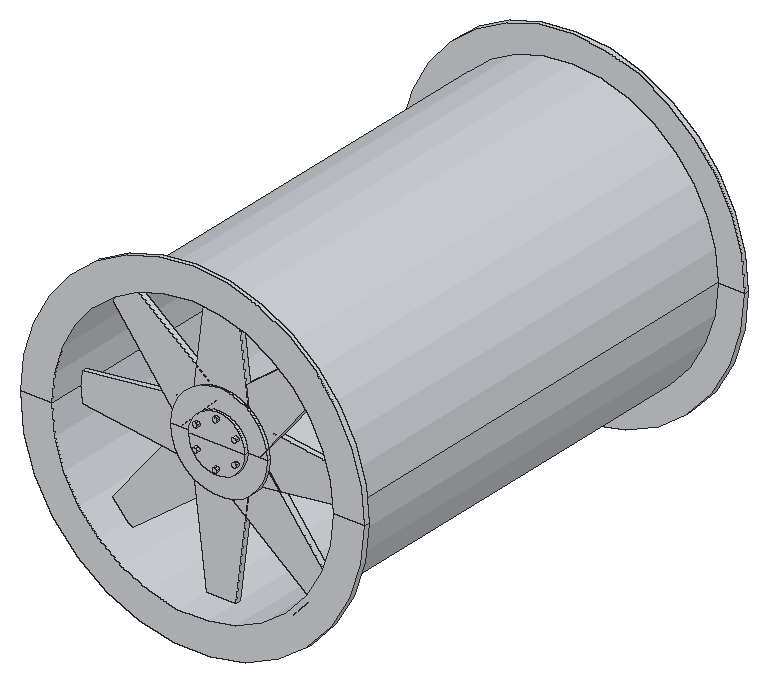
Revit family "CADS_Vent-Axia_MechEquip_Fan_BIFA_315_3Ph4P - SUPPLY", category Mechanical Equipment, Revit 2020
Family settings
  Round Connector Dimension = Use Diameter
  Part Type = Normal
  OmniClass Number = 23.75.00.00
  OmniClass Title = Climate Control (HVAC)
  Work Plane-Based = No
  Always vertical = Yes
  Cut with Voids When Loaded = No
  Shared = No
  Room Calculation Point = No
Parameters (values of type "BIFA313438")
  WorkingPressure = 0.0 Pa
  WarrantyStartDate [instance] = "1900-12-31T23:59:59"
  WarrantyPeriod = ""
  WarrantyIdentifier = "N/A"
  WarrantyGuarantorParts = "tech@vent-axia.com"
  WarrantyGuarantorLabor = "tech@vent-axia.com"
  WarrantyGuarantor = "Vent-Axia Limited"
  WarrantyEndDate [instance] = "1900-12-31T23:59:59"
  WarrantyContent = ""
  TemperatureRange = ""
  TagNumber [instance] = "N/A"
  SustainabilityPerformance = ""
  Status = "New"
  Size = ""
  Shape = ""
  ServiceLifeType = ""
  ServiceLifeDuration = ""
  SerialNumber [instance] = "N/A"
  ReplacementCost = ""
  RatedVoltage = 0 V
  RatedCurrent = 0 A
  Quantity = 1
  ProductionYear = ""
  PressureCurve = ""
  PowerFactor = ""
  PointOfContact = ""
  NumberOfPoles = 0
  NominalWidth = 315 mm
  NominalLength = 535 mm
  NominalHeight = 315 mm
  NominalFrequencyRange = ""
  NominalDiameter = 315 mm
  ModelReference = "BIF 315MM 3PH 4P 38DEG"
  ModelNumber = "BIFA313438"
  Material = ""
  ManufacturerE-Mail = "tech@vent-axia.com"
  ManufacturerAddress = "Fleming Way\nCrawley \nRH10 9YX"
  IsExtendedWarranty = no
  InsulationStandardClass = ""
  InstallationDate [instance] = "1900-12-31T23:59:59"
  IfcExportType [instance] = ""
  IfcExportAs = "IfcFanType"
  IP_Code = ""
  HasProtectiveEarth = no
  GrossWeight = 0.00 kg
  Grade = ""
  GlobalTradeItemNumber [instance] = "N/A"
  Fitting Type = "Ignore"
  Finish = ""
  Features = ""
  ExteriorInsulation = no
  ExpectedServiceLife = 0
  Exclusions = ""
  DurationUnit = "Year"
  Default Elevation = 0 mm
  Constituents = ""
  ConductorFunction = ""
  Color = ""
  CodePerformance = ""
  Category = ""
  CADS_Usage = 0
  CADS_Index = 0
  AssetType = "FIXED"
  AssetIdentifier [instance] = "N/A"
  AssemblyPlace = "UNKNOWN"
  ArticleNumber [instance] = "N/A"
  AirflowRateRange = 0.0 L/s
  Air Flow [instance] = 0.0 L/s
  AccessibilityPerformance = ""
Types (14, lengths in mm): name | ModelReference | ModelNumber
  BIFA313410 | "BIF 315MM 3PH 4P 10DEG" | "BIFA313410"
  BIFA313412 | "BIF 315MM 3PH 4P 12DEG" | "BIFA313412"
  BIFA313414 | "BIF 315MM 3PH 4P 14DEG" | "BIFA313414"
  BIFA313416 | "BIF 315MM 3PH 4P 16DEG" | "BIFA313416"
  BIFA313418 | "BIF 315MM 3PH 4P 18DEG" | "BIFA313418"
  BIFA313420 | "BIF 315MM 3PH 4P 20DEG" | "BIFA313420"
  BIFA313422 | "BIF 315MM 3PH 4P 22DEG" | "BIFA313422"
  BIFA313424 | "BIF 315MM 3PH 4P 24DEG" | "BIFA313424"
  BIFA313426 | "BIF 315MM 3PH 4P 26DEG" | "BIFA313426"
  BIFA313428 | "BIF 315MM 3PH 4P 28DEG" | "BIFA313428"
  BIFA313432 | "BIF 315MM 3PH 4P 32DEG" | "BIFA313432"
  BIFA313434 | "BIF 315MM 3PH 4P 34DEG" | "BIFA313434"
  BIFA313436 | "BIF 315MM 3PH 4P 36DEG" | "BIFA313436"
  BIFA313438 | "BIF 315MM 3PH 4P 38DEG" | "BIFA313438"
Reference planes
  plane 1 "Center (Front/Back)": y = 0
  plane 2: z = 0
  plane 3 "Center (Left/Right)": x = 0
  plane 4: x = -157.5
  plane 5: x = 157.5
  plane 6 "F": y = -267.5
  plane 7 "B": y = 267.5
  plane 8: x = -192.5
  plane 9: y = 262.5
  plane 10: y = -262.5
  plane 11: x = -162.5
  plane 12: y = -227.5
Forms (mm)
  Revolve 1, solid
    sketch origin (0, 0, 0) x (1, 0, 0) y (0, 1, 0)
      loop
        line (-192.5, -267.5) -> (-157.5, -267.5) -> (-157.5, 267.5) -> (-192.5, 267.5) -> (-192.5, 262.5) -> (-162.5, 262.5) -> (-162.5, -262.5) -> (-192.5, -262.5) -> (-192.5, -267.5)
      axis (0, 267.5) -> (0, -267.5)
    angle from 0 to 360
Dimensions and locks
  equal spacing: plane 4, plane 3 "Center (Left/Right)", plane 5
  equal spacing: plane 7 "B", plane 1 "Center (Front/Back)", plane 6 "F"
  "NominalLength": plane 7 "B" to plane 6 "F"
  "NominalDiameter": plane 4 to plane 5
  locked: plane 11 to plane 4 at 5
  locked: plane 8 to plane 11 at 30
  locked: plane 6 "F" to plane 10 at 5
  locked: plane 7 "B" to plane 9 at 5
  locked: plane 6 "F" to plane 12 at 40
  aligned and locked: level to plane 2
  aligned and locked: nested 1 to plane 12
Automatic sketch dimensions
  plane 6 "F" to Revolve 1 sketch curve = 0 mm
  Revolve 1 sketch curve to plane 8 = 0 mm  (x2)
  plane 10 to Revolve 1 sketch curve = 0 mm
  Revolve 1 sketch curve to plane 11 = 0 mm
  Revolve 1 sketch curve to plane 4 = 0 mm
  Revolve 1 sketch curve to plane 3 "Center (Left/Right)" = 0 mm
  plane 1 "Center (Front/Back)" to Revolve 1 sketch curve = 0 mm
  Revolve 1 sketch curve to plane 9 = 0 mm
  Revolve 1 sketch curve to plane 7 "B" = 0 mm
  plane 6 "F" to Revolve 1 sketch curve = 115 mm
Nested families
  nested 1: "Fan for BIFA" at (0, -227.5, 0), ND <- "NominalDiameter", type "Fan for BIFA"
    with hub 31.5 mm, ND 315 mm, BoltPCD 25.2 mm, Bolt Count 6, B_Diam 5 mm
  nested 2: "Bolts" at (21.824, -236.672, -12.6) x (-0.5, 0, -0.866) z (0, 1, 0), type "Bolts"
    with bd 5 mm
  nested 3: "Bolts" at (0, -236.672, -25.2) x (-1, 0, 0) z (0, 1, 0), type "Bolts"
    with bd 5 mm
  nested 4: "Bolts" at (-21.824, -236.672, -12.6) x (-0.5, 0, 0.866) z (0, 1, 0), type "Bolts"
    with bd 5 mm
  nested 5: "Bolts" at (-21.824, -236.672, 12.6) x (0.5, 0, 0.866) z (0, 1, 0), type "Bolts"
    with bd 5 mm
  nested 6: "Bolts" at (21.824, -236.672, 12.6) x (0.5, 0, -0.866) z (0, 1, 0), type "Bolts"
    with bd 5 mm
  nested 7: "Bolts" at (0, -236.672, 25.2) x (1, 0, 0) z (0, 1, 0), type "Bolts"
    with bd 5 mm
  nested 8: "BIFA Blade" at (0, -227.5, 0), type "BIFA Blade"
    with a 20.00°, HR 31.5 mm, HD 63 mm, BT 31.5 mm, BR 126 mm, BH 40 mm, BD 315 mm, BB 63 mm
  nested 9: "BIFA Blade" at (0, -227.5, 0) x (0.7071, 0, -0.7071) z (0.7071, 0, 0.7071), type "BIFA Blade"
    with a 20.00°, HR 31.5 mm, HD 63 mm, BT 31.5 mm, BR 126 mm, BH 40 mm, BD 315 mm, BB 63 mm
  nested 10: "BIFA Blade" at (0, -227.5, 0) x (0, 0, -1) z (1, 0, 0), type "BIFA Blade"
    with a 20.00°, HR 31.5 mm, HD 63 mm, BT 31.5 mm, BR 126 mm, BH 40 mm, BD 315 mm, BB 63 mm
  nested 11: "BIFA Blade" at (0, -227.5, 0) x (-0.7071, 0, -0.7071) z (0.7071, 0, -0.7071), type "BIFA Blade"
    with a 20.00°, HR 31.5 mm, HD 63 mm, BT 31.5 mm, BR 126 mm, BH 40 mm, BD 315 mm, BB 63 mm
  nested 12: "BIFA Blade" at (0, -227.5, 0) x (-1, 0, 0) z (0, 0, -1), type "BIFA Blade"
    with a 20.00°, HR 31.5 mm, HD 63 mm, BT 31.5 mm, BR 126 mm, BH 40 mm, BD 315 mm, BB 63 mm
  nested 13: "BIFA Blade" at (0, -227.5, 0) x (-0.7071, 0, -0.7071) z (-0.7071, 0, 0.7071), type "BIFA Blade"
    with a 20.00°, HR 31.5 mm, HD 63 mm, BT 31.5 mm, BR 126 mm, BH 40 mm, BD 315 mm, BB 63 mm
  nested 14: "BIFA Blade" at (0, -227.5, 0) x (0, 0, -1) z (-1, 0, 0), type "BIFA Blade"
    with a 20.00°, HR 31.5 mm, HD 63 mm, BT 31.5 mm, BR 126 mm, BH 40 mm, BD 315 mm, BB 63 mm
  nested 15: "BIFA Blade" at (0, -227.5, 0) x (0.7071, 0, -0.7071) z (-0.7071, 0, -0.7071), type "BIFA Blade"
    with a 20.00°, HR 31.5 mm, HD 63 mm, BT 31.5 mm, BR 126 mm, BH 40 mm, BD 315 mm, BB 63 mm
Connectors
  hvac at (0, -267.5, 0), driven by "NominalDiameter", driven by "Air Flow"
    settings: on Revolve 1, index 1, duct flow 0.0 L/s, flow factor 0, pres drop 0.0 Pa, loss coef 0, conn angle 0.00°, conn width 304.8 mm, conn height 304.8 mm, conn diameter 315 mm, duct sys type 1, conn prof type 0, flow config 1, flow direction 1, loss method 0, conn ref index -1, conn util no, is conn primary yes, conn desc ""
  hvac at (0, 267.5, 0), driven by "NominalDiameter", driven by "Air Flow"
    settings: on Revolve 1, index 2, duct flow 0.0 L/s, flow factor 0, pres drop 0.0 Pa, loss coef 0, conn angle 0.00°, conn width 304.8 mm, conn height 304.8 mm, conn diameter 315 mm, duct sys type 1, conn prof type 0, flow config 0, flow direction 2, loss method 0, conn ref index -1, conn util no, is conn primary no, conn desc ""
Definition of nested family "Fan for BIFA"
  Parameters (values of type "Fan for BIFA")
    hub [instance] = ND / 10  # 50 mm
    ND [instance] = 500 mm
    Model = "."
    Default Elevation = 0 mm
    BoltPCD [instance] = hub - (hub * 0.2)  # 40 mm
    Bolt Count [instance] = if(hub < 50 mm, 6, 8)  # 8
    B_Diam [instance] = if(hub < 50 mm, 5 mm, 10 mm)  # 10 mm
  Reference planes
    plane 1 "Center (Front/Back)": y = 0
    plane 2: z = 0
    plane 3 "Center (Left/Right)": x = 0
    plane 4 "back": y = 20
    plane 5 "bolts": y = -9.172
    plane 6 "B": z = 50
    plane 7: x = -72.587
    plane 8: x = -50
    plane 9 "hubface": y = -6.172
  Forms (mm)
    Revolve 1, solid
      sketch origin (0, 0, 0) x (1, 0, 0) y (0, 1, 0)
        loop
          line (0, 20) -> (-50, 20) -> (-50, 10.504) -> (-72.587, 10.504) -> (-72.587, -2.597) -> (-50, -2.597) -> (-50, -6.172) -> (0, -6.172) -> (0, 20)
        axis (0, 20) -> (0, -6.172)
      angle from 0 to 360
    Extrusion 2, solid, not visible
      sketch origin (0, -6.347, -4) x (-1, 0, 0) y (0, 0, 1)
        loop
          circle (0, 84) r 5
      from 0 to 3
  Lines and regions (mm)
    symbolic lines
      curve 1: circle (0, -9.172, 0) r 40 normal (0, 1, 0)
    model lines, not visible
      curve 2: line (0, -6.347, 85) -> (0, -6.347, 75)
  Dimensions and locks
    "hub": plane 6 "B" to plane 2
    "hub": nested 3 to plane 3 "Center (Left/Right)"
    "hub": nested 4 to plane 3 "Center (Left/Right)"
    "hub": nested 5 to plane 3 "Center (Left/Right)"
    "hub": plane 3 "Center (Left/Right)" to nested 6
    "hub": Revolve 1 sketch curve to Revolve 1 sketch curve
    "hub": plane 3 "Center (Left/Right)" to nested 7
    "hub": plane 3 "Center (Left/Right)" to nested 8
    "hub": plane 3 "Center (Left/Right)" to nested 9
    "hub": plane 8 to plane 3 "Center (Left/Right)"
    plane 7 to plane 8 = 22.587 mm
    diameter of Extrusion 2 sketch curve = 10 mm
    "BoltPCD": radius of curve 1
    "BoltPCD": radius of radial array
    aligned and locked: level to plane 2
    aligned and locked: plane 6 "B" to nested 1
  Automatic sketch dimensions
    Revolve 1 sketch curve to plane 7 = 0 mm
    Revolve 1 sketch curve to plane 8 = 0 mm  (x2)
    Revolve 1 sketch curve to plane 3 "Center (Left/Right)" = 0 mm
    Revolve 1 sketch curve to plane 9 "hubface" = 0 mm
    plane 4 "back" to Revolve 1 sketch curve = 0 mm
    plane 1 "Center (Front/Back)" to Revolve 1 sketch curve = 2.597 mm
    plane 4 "back" to Revolve 1 sketch curve = 9.496 mm
    plane 4 "back" to Revolve 1 sketch curve = 5 mm
    Revolve 1 sketch curve to Revolve 1 sketch curve = 45 mm
    curve 1 to level = 0 mm
    curve 1 to plane 3 "Center (Left/Right)" = 0 mm
  Nested families
    nested 1: "BIFA Blade" at (0, 0, 25), BD <- "ND", HD <- "hub", type "BIFA Blade"
      with a 20.00°, HR 25 mm, HD 50 mm, BT 25 mm, BR 100 mm, BH 40 mm, BD 250 mm, BB 50 mm
    nested 2: "BIFA Blade" at (0, 0, 55), BD <- "ND", HD <- "hub", type "BIFA Blade", not visible
      with a 20.00°, HR 25 mm, HD 50 mm, BT 25 mm, BR 100 mm, BH 40 mm, BD 250 mm, BB 50 mm
    nested 3: "BIFA Blade" at (17.678, 0, 17.678) x (0.7071, 0, -0.7071) z (0.7071, 0, 0.7071), BD <- "ND", HD <- "hub", type "BIFA Blade"
      with a 20.00°, HR 25 mm, HD 50 mm, BT 25 mm, BR 100 mm, BH 40 mm, BD 250 mm, BB 50 mm
    nested 4: "BIFA Blade" at (25, 0, 0) x (0, 0, -1) z (1, 0, 0), BD <- "ND", HD <- "hub", type "BIFA Blade"
      with a 20.00°, HR 25 mm, HD 50 mm, BT 25 mm, BR 100 mm, BH 40 mm, BD 250 mm, BB 50 mm
    nested 5: "BIFA Blade" at (17.678, 0, -17.678) x (-0.7071, 0, -0.7071) z (0.7071, 0, -0.7071), BD <- "ND", HD <- "hub", type "BIFA Blade"
      with a 20.00°, HR 25 mm, HD 50 mm, BT 25 mm, BR 100 mm, BH 40 mm, BD 250 mm, BB 50 mm
    nested 6: "BIFA Blade" at (0, 0, -25) x (-1, 0, 0) z (0, 0, -1), BD <- "ND", HD <- "hub", type "BIFA Blade"
      with a 20.00°, HR 25 mm, HD 50 mm, BT 25 mm, BR 100 mm, BH 40 mm, BD 250 mm, BB 50 mm
    nested 7: "BIFA Blade" at (-17.678, 0, 17.678) x (-0.7071, 0, -0.7071) z (-0.7071, 0, 0.7071), BD <- "ND", HD <- "hub", type "BIFA Blade"
      with a 20.00°, HR 25 mm, HD 50 mm, BT 25 mm, BR 100 mm, BH 40 mm, BD 250 mm, BB 50 mm
    nested 8: "BIFA Blade" at (-25, 0, 0) x (0, 0, -1) z (-1, 0, 0), BD <- "ND", HD <- "hub", type "BIFA Blade"
      with a 20.00°, HR 25 mm, HD 50 mm, BT 25 mm, BR 100 mm, BH 40 mm, BD 250 mm, BB 50 mm
    nested 9: "BIFA Blade" at (-17.678, 0, -17.678) x (0.7071, 0, -0.7071) z (-0.7071, 0, -0.7071), BD <- "ND", HD <- "hub", type "BIFA Blade"
      with a 20.00°, HR 25 mm, HD 50 mm, BT 25 mm, BR 100 mm, BH 40 mm, BD 250 mm, BB 50 mm
    nested 10: "Bolts" at (0, -9.172, 40) x (1, 0, 0) z (0, 1, 0), bd <- "B_Diam", type "Bolts"
      with bd 10 mm
    nested 11: "Bolts" at (28.284, -9.172, 28.284) x (0.7071, 0, -0.7071) z (0, 1, 0), bd <- "B_Diam", type "Bolts"
      with bd 10 mm
    nested 12: "Bolts" at (-28.284, -9.172, 28.284) x (0.7071, 0, 0.7071) z (0, 1, 0), bd <- "B_Diam", type "Bolts"
      with bd 10 mm
    nested 13: "Bolts" at (-40, -9.172, 0) x (0, 0, 1) z (0, 1, 0), bd <- "B_Diam", type "Bolts"
      with bd 10 mm
    nested 14: "Bolts" at (-28.284, -9.172, -28.284) x (-0.7071, 0, 0.7071) z (0, 1, 0), bd <- "B_Diam", type "Bolts"
      with bd 10 mm
    nested 15: "Bolts" at (0, -9.172, -40) x (-1, 0, 0) z (0, 1, 0), bd <- "B_Diam", type "Bolts"
      with bd 10 mm
    nested 16: "Bolts" at (28.284, -9.172, -28.284) x (-0.7071, 0, -0.7071) z (0, 1, 0), bd <- "B_Diam", type "Bolts"
      with bd 10 mm
    nested 17: "Bolts" at (40, -9.172, 0) x (0, 0, -1) z (0, 1, 0), bd <- "B_Diam", type "Bolts"
      with bd 10 mm
  Definition of nested family "BIFA Blade"
    Parameters (values of type "BIFA Blade")
      a [instance] = 20.00°
      HR [instance] = HD / 2  # 30 mm
      HD [instance] = BD / 5  # 60 mm
      Default Elevation = 1219.2 mm
      BT [instance] = BD / 10  # 30 mm
      BR [instance] = (BD / 2) - HR  # 120 mm
      BH [instance] = 40 mm
      BD [instance] = 300 mm
      BB [instance] = BD / 5  # 60 mm
    Reference planes
      plane 1 "Center (Front/Back)": y = 0
      plane 2: z = 0
      plane 3 "Center (Left/Right)": x = 0
      plane 4 "Blade Bot": z = 30
      plane 5: x = -30
      plane 6: x = 30
      plane 7: x = -15
      plane 8: x = 15
    Forms (mm)
      Blend 1, solid
        base sketch origin (0, 0, 30) x (-1, 0, 0) y (0, -1, 0)
          loop
            line (30, 0) -> (-30, 0) -> (-30, -6) -> (30, -6) -> (30, 0)
        top sketch origin (0, 0, 30) x (-1, 0, 0) y (0, -1, 0)
          loop
            line (15, -6) -> (15, 0) -> (-15, 0) -> (-15, -6) -> (15, -6)
        from 0 to 120 <- "BR"
    Dimensions and locks
      "HR": plane 4 "Blade Bot" to level
      equal spacing: plane 8, plane 3 "Center (Left/Right)", plane 7
      "BT": plane 8 to plane 7
      equal spacing: plane 6, plane 3 "Center (Left/Right)", plane 5
      "BB": plane 6 to plane 5
      aligned and locked: level to plane 2
    Automatic sketch dimensions
      plane 1 "Center (Front/Back)" to Blend 1 sketch curve = 0 mm  (x2)
      Blend 1 sketch curve to plane 6 = 0 mm
      Blend 1 sketch curve to plane 5 = 0 mm
      Blend 1 sketch curve to plane 1 "Center (Front/Back)" = 6 mm  (x2)
      Blend 1 sketch curve to plane 8 = 0 mm
      Blend 1 sketch curve to plane 7 = 0 mm
  Definition of nested family "Bolts"
    Parameters
      bd [instance] = 10 mm
      Default Elevation = 1219.2 mm
    Reference planes
      plane 1 "Center (Front/Back)": y = 0
      plane 2: z = 0
      plane 3 "Center (Left/Right)": x = 0
    Forms (mm)
      Extrusion 1, solid
        sketch origin (0, 0, 0) x (1, 0, 0) y (0, 1, 0)
          loop
            line (-1219.2, 1219.2) -> (-1219.2, -1219.2) -> (1219.2, -1219.2) -> (1219.2, 1219.2) -> (-1219.2, 1219.2)
        from 0 to -304.8
      Extrusion 2, solid
        sketch origin (0, 0, 0) x (1, 0, 0) y (0, 1, 0)
          loop
            circle (0, 0) r 5
        from 0 to 3
    Dimensions and locks
      "bd": diameter of Extrusion 2 sketch curve
      aligned and locked: plane 2 to Extrusion 1
      aligned and locked: level to Extrusion 1
    Automatic sketch dimensions
      Extrusion 1 sketch curve to Extrusion 1 sketch curve = 2438.4 mm  (x2)
      plane 1 "Center (Front/Back)" to Extrusion 2 sketch curve = 0 mm
      Extrusion 2 sketch curve to plane 3 "Center (Left/Right)" = 0 mm
Definition of nested family "Bolts"
  Parameters
    bd [instance] = 10 mm
    Default Elevation = 1219.2 mm
  Reference planes
    plane 1 "Center (Front/Back)": y = 0
    plane 2: z = 0
    plane 3 "Center (Left/Right)": x = 0
  Forms (mm)
    Extrusion 1, solid
      sketch origin (0, 0, 0) x (1, 0, 0) y (0, 1, 0)
        loop
          line (-1219.2, 1219.2) -> (-1219.2, -1219.2) -> (1219.2, -1219.2) -> (1219.2, 1219.2) -> (-1219.2, 1219.2)
      from 0 to -304.8
    Extrusion 2, solid
      sketch origin (0, 0, 0) x (1, 0, 0) y (0, 1, 0)
        loop
          circle (0, 0) r 5
      from 0 to 3
  Dimensions and locks
    "bd": diameter of Extrusion 2 sketch curve
    aligned and locked: plane 2 to Extrusion 1
    aligned and locked: level to Extrusion 1
  Automatic sketch dimensions
    Extrusion 1 sketch curve to Extrusion 1 sketch curve = 2438.4 mm  (x2)
    plane 1 "Center (Front/Back)" to Extrusion 2 sketch curve = 0 mm
    Extrusion 2 sketch curve to plane 3 "Center (Left/Right)" = 0 mm
Definition of nested family "BIFA Blade"
  Parameters (values of type "BIFA Blade")
    a [instance] = 20.00°
    HR [instance] = HD / 2  # 30 mm
    HD [instance] = BD / 5  # 60 mm
    Default Elevation = 1219.2 mm
    BT [instance] = BD / 10  # 30 mm
    BR [instance] = (BD / 2) - HR  # 120 mm
    BH [instance] = 40 mm
    BD [instance] = 300 mm
    BB [instance] = BD / 5  # 60 mm
  Reference planes
    plane 1 "Center (Front/Back)": y = 0
    plane 2: z = 0
    plane 3 "Center (Left/Right)": x = 0
    plane 4 "Blade Bot": z = 30
    plane 5: x = -30
    plane 6: x = 30
    plane 7: x = -15
    plane 8: x = 15
  Forms (mm)
    Blend 1, solid
      base sketch origin (0, 0, 30) x (-1, 0, 0) y (0, -1, 0)
        loop
          line (30, 0) -> (-30, 0) -> (-30, -6) -> (30, -6) -> (30, 0)
      top sketch origin (0, 0, 30) x (-1, 0, 0) y (0, -1, 0)
        loop
          line (15, -6) -> (15, 0) -> (-15, 0) -> (-15, -6) -> (15, -6)
      from 0 to 120 <- "BR"
  Dimensions and locks
    "HR": plane 4 "Blade Bot" to level
    equal spacing: plane 8, plane 3 "Center (Left/Right)", plane 7
    "BT": plane 8 to plane 7
    equal spacing: plane 6, plane 3 "Center (Left/Right)", plane 5
    "BB": plane 6 to plane 5
    aligned and locked: level to plane 2
  Automatic sketch dimensions
    plane 1 "Center (Front/Back)" to Blend 1 sketch curve = 0 mm  (x2)
    Blend 1 sketch curve to plane 6 = 0 mm
    Blend 1 sketch curve to plane 5 = 0 mm
    Blend 1 sketch curve to plane 1 "Center (Front/Back)" = 6 mm  (x2)
    Blend 1 sketch curve to plane 8 = 0 mm
    Blend 1 sketch curve to plane 7 = 0 mm
